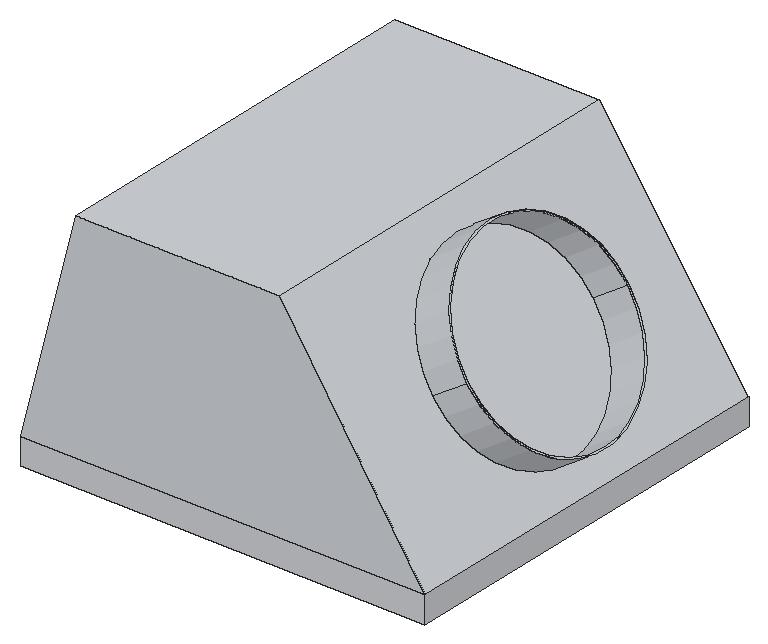
Revit family "08101_SWA-D", category Air Terminals, Revit 2012
Parameters (values of type "SWA-D")
  Visible_Texto = or(or(Diametro_Requerido < 6", Diametro_Requerido > 14"), not(Diametro_Requerido = (Var1 * 1")))  # no
  Var2 = if(or((Var1 * 1") < 6", (Var1 * 1") = 6"), 5 7/8", if(or((Var1 * 1") > 14", (Var1 * 1") = 14"), 13 7/8", ((Var1 * 1") - 1" / 8)))  # 11 7/8"
  Var1 = roundup(Diametro_Requerido / 2") * 2  # 12
  URL = "https://www.innes.com.mx"
  Type Comments = "Alto Caudal de Aire"
  Tipo de Cuello = "Redondo"
  Posición de Instalación = "Techo"
  Nota1 = if(Diametro_Requerido < 6", "Diámetro no disponible, mínimo 6 in", if(Diametro_Requerido > 14", "Diámetro no disponible, máximo 14 in", if(Diametro_Requerido = (Var1 * 1"), ".", "Diámetro No Válido. Sólo incrementos de 2 in")))  # "."
  Model = "SWA-D"
  Material = "Acero"
  Manufacturer = "INNES"
  Incrementos de Cuello = "de 2\""
  Función = "Inyección"
  Diametro_Requerido = 12"
  Description = "Difusor Rotacional para flujo constante"
  Cuello Mín.-Máx. = "6\" a 14\""
  Conect = Var2 / 2  # 5 15/16"
Reference planes (in)
  plane 1 "Center (Front/Back)": y = 0
  plane 2: z = 0
  plane 3 "Center (Left/Right)": x = 0
  plane 4 "conect": through (13.49213, -60, 3.61848) normal (-0.8261, 0, -0.5636)
  plane 5: z = 9.29761
  plane 6: through (9.61745, -60, 9.29761) normal (0.5636, 0, -0.8261)
Nested families (in)
  nested 1: "Texto_SWA-D" at (-2.22139, -33.51703, 0), type "texto"
    with Visible_Texto no
  nested 2: "SWA-D" at (0, 0, 0), type "SWA-D"
    with Var2 12", Var1 12, Radio_Int 5 13/16", Radio 5 15/16", Diametro_Requerido 12", Diametro_Int 11 3/4", Diametro_Real 11 7/8"
Connectors (in)
  hvac at (9.61745, 0, 9.29761), driven by "Conect"
    settings: on nested 2, index 1, duct flow 0.0 L/s, flow factor 0, pres drop 0.0 Pa, loss coef 0, conn angle 0.00°, conn width 304.8 mm, conn height 304.8 mm, conn radius 150.812 mm, duct sys type 1, conn prof type 0, flow config 0, flow direction 0, loss method 0, conn ref index -1, conn util no, is conn primary yes, conn desc ""
Definition of nested family "SWA-D"
  Parameters (values of type "SWA-D-14-24")
    Var2 = if(or((Var1 * 1") < 6", (Var1 * 1") = 6"), 6", if((Var1 * 1") = 8", 8", if((Var1 * 1") = 10", 10", if((Var1 * 1") = 12", 12", if((Var1 * 1") = 14", 14", 14")))))  # 14"
    Var1 = roundup(Diametro_Requerido / 2") * 2  # 14
    URL = "http://www.innes.com.mx"
    Radio_Int = Radio - 1" / 8  # 6 13/16"
    Radio = Diametro_Real / 2  # 6 15/16"
    Mínimo flujo de aire = 0.0 L/s
    Mínima velocidad de cuello = 0.0 m/s
    Mínima presión total = 0.0 Pa
    Máximo nivel de ruido (NC) = "32"
    Máximo flujo de aire = 0.0 L/s
    Máxima velocidad de cuello = 0.0 m/s
    Máxima presión total = 0.0 Pa
    Modulo = 24"  # constant formula
    Min Flow = 0.0 L/s
    Diametro_Requerido = 14"
    Medida_B = Modulo - 3" / 16  # 23 13/16"
    Medida_A = Modulo - 3" / 16  # 23 13/16"
    Max Flow = 0.0 L/s
    Material = "Acero"
    Manufacturer = "INNES"
    Largo_Parte_Superior = 23 121/256"  # constant formula
    Largo_B = Medida_B - 3" / 16  # 23 5/8"
    Diametro_Interior = Diametro_Exterior - 3/16"  # 7 11/16"
    Diametro_Int = Diametro_Real - 1" / 8  # 13 3/4"
    Diametro_Exterior = 7 7/8"  # constant formula
    Diametro_Real = Var2 - 1" / 8  # 13 7/8"
    Cuello = "Redondo"
    Ancho_A = Medida_A - 3/16"  # 23 5/8"
  Types (6): name | Var2 | Var1 | Radio_Int | Radio | Diametro_Requerido | Diametro_Int | Diametro_Real
    (no name) | 14" | 14 | 6 13/16" | 6 15/16" | 14" | 13 3/4" | 13 7/8"
    SWA-D-08-24 | 8" | 8 | 3 13/16" | 3 15/16" | 8" | 7 3/4" | 7 7/8"
    SWA-D- 06-24 | 6" | 6 | 2 13/16" | 2 15/16" | 6" | 5 3/4" | 5 7/8"
    SWA-D-10-24 | 10" | 10 | 4 13/16" | 4 15/16" | 10" | 9 3/4" | 9 7/8"
    SWA-D-12-24 | 12" | 12 | 5 13/16" | 5 15/16" | 12" | 11 3/4" | 11 7/8"
    SWA-D-14-24 | 14" | 14 | 6 13/16" | 6 15/16" | 14" | 13 3/4" | 13 7/8"
  Reference planes (in)
    plane 1 "Center (Front/Back)": y = 0
    plane 2: z = 0
    plane 3 "Center (Left/Right)": x = 0
    plane 4: x = 11.90625
    plane 5: x = -11.90625
    plane 6: y = 11.90625
    plane 7: y = -11.90625
    plane 8 "Altura Placa": z = 0.125
    plane 9 "Altura perfil": z = 1.5625
    plane 10 "Altura": z = 14.25
    plane 11: x = -11.8125
    plane 12: x = 11.8125
    plane 13: y = 11.8125
    plane 14: y = -11.8125
    plane 15: x = -8.78125
    plane 16: x = 3.25
    plane 17: y = 11.73633
    plane 18: y = -11.73633
    plane 19: x = -8.59375
    plane 20: y = 11.54883
    plane 21: y = -11.54883
    plane 22 "Altura baceado": z = 14.0625
    plane 23: x = 3.0625
    plane 24: z = 7
    plane 25: y = 3.84375
    plane 26: y = 3.9375
    plane 27 "Inclinacion": through (-1.52397, -180, 18.4798) normal (0.829, 0, 0.5592)
    plane 28: y = -3.84375
    plane 29: y = -3.9375
    plane 30: through (3.25, -180, 14.25) normal (0.8261, 0, 0.5636)
    plane 31: through (11.90625, -180, 1.5625) normal (-0.8261, 0, -0.5636)
    plane 32: through (11.90625, -180, 1.5625) normal (-0.8261, 0, -0.5636)
    plane 33: through (11.90625, -180, 1.5625) normal (-0.8261, 0, -0.5636)
    plane 34: through (11.90625, -180, 1.5625) normal (-0.8261, 0, -0.5636)
    plane 35: through (3.25, -180, 14.25) normal (0.8261, 0, 0.5636)
    plane 36: through (11.90625, -180, 1.5625) normal (-0.8261, 0, -0.5636)
    plane 37: y = 6.9375
    plane 38: y = -6.9375
  Forms (in)
    Extrusion 1, solid
      sketch origin (0, 0, 0) x (1, 0, 0) y (0, 1, 0)
        loop
          line (-11.90625, 11.90625) -> (-11.90625, -11.90625) -> (11.90625, -11.90625) -> (11.90625, 11.90625) -> (-11.90625, 11.90625)
      from 0 to 0.125
    Extrusion 2, void
      sketch origin (0, 0, 0.035) x (1, 0, 0) y (0, 1, 0)
        loop
          line (-0.32659, 6.55067) -> (-0.32659, 2.47858) -> (0.32659, 2.47858) -> (0.32659, 6.55067) -> (-0.32659, 6.55067)
      from 0 to 0.125
    Extrusion 3, void
      sketch origin (0, 0, 0.035) x (0.866025, -0.5, 0) y (0.5, 0.866025, 0)
        loop
          line (-0.32659, 6.55067) -> (-0.32659, 2.47858) -> (0.32659, 2.47858) -> (0.32659, 6.55067) -> (-0.32659, 6.55067)
      from 0 to 0.125
    Extrusion 4, void
      sketch origin (0, 0, 0.035) x (0.5, -0.866025, 0) y (0.866025, 0.5, 0)
        loop
          line (-0.32659, 6.55067) -> (-0.32659, 2.47858) -> (0.32659, 2.47858) -> (0.32659, 6.55067) -> (-0.32659, 6.55067)
      from 0 to 0.125
    Extrusion 5, void
      sketch origin (0, 0, 0.035) x (0, -1, 0) y (1, 0, 0)
        loop
          line (-0.32659, 6.55067) -> (-0.32659, 2.47858) -> (0.32659, 2.47858) -> (0.32659, 6.55067) -> (-0.32659, 6.55067)
      from 0 to 0.125
    Extrusion 6, void
      sketch origin (0, 0, 0.035) x (-0.5, -0.866025, 0) y (0.866025, -0.5, 0)
        loop
          line (-0.32659, 6.55067) -> (-0.32659, 2.47858) -> (0.32659, 2.47858) -> (0.32659, 6.55067) -> (-0.32659, 6.55067)
      from 0 to 0.125
    Extrusion 7, void
      sketch origin (0, 0, 0.035) x (-0.866025, -0.5, 0) y (0.5, -0.866025, 0)
        loop
          line (-0.32659, 6.55067) -> (-0.32659, 2.47858) -> (0.32659, 2.47858) -> (0.32659, 6.55067) -> (-0.32659, 6.55067)
      from 0 to 0.125
    Extrusion 8, void
      sketch origin (0, 0, 0.035) x (-1, 0, 0) y (0, -1, 0)
        loop
          line (-0.32659, 6.55067) -> (-0.32659, 2.47858) -> (0.32659, 2.47858) -> (0.32659, 6.55067) -> (-0.32659, 6.55067)
      from 0 to 0.125
    Extrusion 9, void
      sketch origin (0, 0, 0.035) x (-0.866025, 0.5, 0) y (-0.5, -0.866025, 0)
        loop
          line (-0.32659, 6.55067) -> (-0.32659, 2.47858) -> (0.32659, 2.47858) -> (0.32659, 6.55067) -> (-0.32659, 6.55067)
      from 0 to 0.125
    Extrusion 10, void
      sketch origin (0, 0, 0.035) x (-0.5, 0.866025, 0) y (-0.866025, -0.5, 0)
        loop
          line (-0.32659, 6.55067) -> (-0.32659, 2.47858) -> (0.32659, 2.47858) -> (0.32659, 6.55067) -> (-0.32659, 6.55067)
      from 0 to 0.125
    Extrusion 11, void
      sketch origin (0, 0, 0.035) x (0, 1, 0) y (-1, 0, 0)
        loop
          line (-0.32659, 6.55067) -> (-0.32659, 2.47858) -> (0.32659, 2.47858) -> (0.32659, 6.55067) -> (-0.32659, 6.55067)
      from 0 to 0.125
    Extrusion 12, void
      sketch origin (0, 0, 0.035) x (0.5, 0.866025, 0) y (-0.866025, 0.5, 0)
        loop
          line (-0.32659, 6.55067) -> (-0.32659, 2.47858) -> (0.32659, 2.47858) -> (0.32659, 6.55067) -> (-0.32659, 6.55067)
      from 0 to 0.125
    Extrusion 13, void
      sketch origin (0, 0, 0.035) x (0.866025, 0.5, 0) y (-0.5, 0.866025, 0)
        loop
          line (-0.32659, 6.55067) -> (-0.32659, 2.47858) -> (0.32659, 2.47858) -> (0.32659, 6.55067) -> (-0.32659, 6.55067)
      from 0 to 0.125
    Extrusion 14, void
      sketch origin (0.01625, -4.03072, 0) x (-1, 0, 0) y (0, -1, 0)
        loop
          line (-0.32659, 6.55067) -> (-0.32659, 2.47858) -> (0.32659, 2.47858) -> (0.32659, 6.55067) -> (-0.32659, 6.55067)
      from 0 to 0.125
    Extrusion 15, void
      sketch origin (-1.01525, -3.89492, 0) x (-0.965926, 0.258819, 0) y (-0.258819, -0.965926, 0)
        loop
          line (-0.32659, 6.55067) -> (-0.32659, 2.47858) -> (0.32659, 2.47858) -> (0.32659, 6.55067) -> (-0.32659, 6.55067)
      from 0 to 0.125
    Extrusion 16, void
      sketch origin (-1.97644, -3.49678, 0) x (-0.866025, 0.5, 0) y (-0.5, -0.866025, 0)
        loop
          line (-0.32659, 6.55067) -> (-0.32659, 2.47858) -> (0.32659, 2.47858) -> (0.32659, 6.55067) -> (-0.32659, 6.55067)
      from 0 to 0.125
    Extrusion 17, void
      sketch origin (-2.80184, -2.86343, 0) x (-0.707107, 0.707107, 0) y (-0.707107, -0.707107, 0)
        loop
          line (-0.32659, 6.55067) -> (-0.32659, 2.47858) -> (0.32659, 2.47858) -> (0.32659, 6.55067) -> (-0.32659, 6.55067)
      from 0 to 0.125
    Extrusion 18, void
      sketch origin (-3.43519, -2.03803, 0) x (-0.5, 0.866025, 0) y (-0.866025, -0.5, 0)
        loop
          line (-0.32659, 6.55067) -> (-0.32659, 2.47858) -> (0.32659, 2.47858) -> (0.32659, 6.55067) -> (-0.32659, 6.55067)
      from 0 to 0.125
    Extrusion 19, void
      sketch origin (-3.83333, -1.07683, 0) x (-0.258819, 0.965926, 0) y (-0.965926, -0.258819, 0)
        loop
          line (-0.32659, 6.55067) -> (-0.32659, 2.47858) -> (0.32659, 2.47858) -> (0.32659, 6.55067) -> (-0.32659, 6.55067)
      from 0 to 0.125
    Extrusion 20, void
      sketch origin (-3.96913, -0.04534, 0) x (0, 1, 0) y (-1, 0, 0)
        loop
          line (-0.32659, 6.55067) -> (-0.32659, 2.47858) -> (0.32659, 2.47858) -> (0.32659, 6.55067) -> (-0.32659, 6.55067)
      from 0 to 0.125
    Extrusion 21, void
      sketch origin (-3.83333, 0.98615, 0) x (0.258819, 0.965926, 0) y (-0.965926, 0.258819, 0)
        loop
          line (-0.32659, 6.55067) -> (-0.32659, 2.47858) -> (0.32659, 2.47858) -> (0.32659, 6.55067) -> (-0.32659, 6.55067)
      from 0 to 0.125
    Extrusion 22, void
      sketch origin (-3.43519, 1.94735, 0) x (0.5, 0.866025, 0) y (-0.866025, 0.5, 0)
        loop
          line (-0.32659, 6.55067) -> (-0.32659, 2.47858) -> (0.32659, 2.47858) -> (0.32659, 6.55067) -> (-0.32659, 6.55067)
      from 0 to 0.125
    Extrusion 23, void
      sketch origin (-2.80184, 2.77275, 0) x (0.707107, 0.707107, 0) y (-0.707107, 0.707107, 0)
        loop
          line (-0.32659, 6.55067) -> (-0.32659, 2.47858) -> (0.32659, 2.47858) -> (0.32659, 6.55067) -> (-0.32659, 6.55067)
      from 0 to 0.125
    Extrusion 24, void
      sketch origin (-1.97644, 3.4061, 0) x (0.866025, 0.5, 0) y (-0.5, 0.866025, 0)
        loop
          line (-0.32659, 6.55067) -> (-0.32659, 2.47858) -> (0.32659, 2.47858) -> (0.32659, 6.55067) -> (-0.32659, 6.55067)
      from 0 to 0.125
    Extrusion 25, void
      sketch origin (-1.01525, 3.80424, 0) x (0.965926, 0.258819, 0) y (-0.258819, 0.965926, 0)
        loop
          line (-0.32659, 6.55067) -> (-0.32659, 2.47858) -> (0.32659, 2.47858) -> (0.32659, 6.55067) -> (-0.32659, 6.55067)
      from 0 to 0.125
    Extrusion 26, void
      sketch origin (0.01625, 3.94004, 0) x (1, 0, 0) y (0, 1, 0)
        loop
          line (-0.32659, 6.55067) -> (-0.32659, 2.47858) -> (0.32659, 2.47858) -> (0.32659, 6.55067) -> (-0.32659, 6.55067)
      from 0 to 0.125
    Extrusion 27, void
      sketch origin (1.04774, 3.80424, 0) x (0.965926, -0.258819, 0) y (0.258819, 0.965926, 0)
        loop
          line (-0.32659, 6.55067) -> (-0.32659, 2.47858) -> (0.32659, 2.47858) -> (0.32659, 6.55067) -> (-0.32659, 6.55067)
      from 0 to 0.125
    Extrusion 28, void
      sketch origin (2.00893, 3.4061, 0) x (0.866025, -0.5, 0) y (0.5, 0.866025, 0)
        loop
          line (-0.32659, 6.55067) -> (-0.32659, 2.47858) -> (0.32659, 2.47858) -> (0.32659, 6.55067) -> (-0.32659, 6.55067)
      from 0 to 0.125
    Extrusion 29, void
      sketch origin (2.83433, 2.77275, 0) x (0.707107, -0.707107, 0) y (0.707107, 0.707107, 0)
        loop
          line (-0.32659, 6.55067) -> (-0.32659, 2.47858) -> (0.32659, 2.47858) -> (0.32659, 6.55067) -> (-0.32659, 6.55067)
      from 0 to 0.125
    Extrusion 30, void
      sketch origin (3.46768, 1.94735, 0) x (0.5, -0.866025, 0) y (0.866025, 0.5, 0)
        loop
          line (-0.32659, 6.55067) -> (-0.32659, 2.47858) -> (0.32659, 2.47858) -> (0.32659, 6.55067) -> (-0.32659, 6.55067)
      from 0 to 0.125
    Extrusion 31, void
      sketch origin (3.86583, 0.98615, 0) x (0.258819, -0.965926, 0) y (0.965926, 0.258819, 0)
        loop
          line (-0.32659, 6.55067) -> (-0.32659, 2.47858) -> (0.32659, 2.47858) -> (0.32659, 6.55067) -> (-0.32659, 6.55067)
      from 0 to 0.125
    Extrusion 32, void
      sketch origin (4.00162, -0.04534, 0) x (0, -1, 0) y (1, 0, 0)
        loop
          line (-0.32659, 6.55067) -> (-0.32659, 2.47858) -> (0.32659, 2.47858) -> (0.32659, 6.55067) -> (-0.32659, 6.55067)
      from 0 to 0.125
    Extrusion 33, void
      sketch origin (3.86583, -1.07683, 0) x (-0.258819, -0.965926, 0) y (0.965926, -0.258819, 0)
        loop
          line (-0.32659, 6.55067) -> (-0.32659, 2.47858) -> (0.32659, 2.47858) -> (0.32659, 6.55067) -> (-0.32659, 6.55067)
      from 0 to 0.125
    Extrusion 34, void
      sketch origin (3.46768, -2.03803, 0) x (-0.5, -0.866025, 0) y (0.866025, -0.5, 0)
        loop
          line (-0.32659, 6.55067) -> (-0.32659, 2.47858) -> (0.32659, 2.47858) -> (0.32659, 6.55067) -> (-0.32659, 6.55067)
      from 0 to 0.125
    Extrusion 35, void
      sketch origin (2.83433, -2.86343, 0) x (-0.707107, -0.707107, 0) y (0.707107, -0.707107, 0)
        loop
          line (-0.32659, 6.55067) -> (-0.32659, 2.47858) -> (0.32659, 2.47858) -> (0.32659, 6.55067) -> (-0.32659, 6.55067)
      from 0 to 0.125
    Extrusion 36, void
      sketch origin (2.00893, -3.49678, 0) x (-0.866025, -0.5, 0) y (0.5, -0.866025, 0)
        loop
          line (-0.32659, 6.55067) -> (-0.32659, 2.47858) -> (0.32659, 2.47858) -> (0.32659, 6.55067) -> (-0.32659, 6.55067)
      from 0 to 0.125
    Extrusion 37, void
      sketch origin (1.04774, -3.89492, 0) x (-0.965926, -0.258819, 0) y (0.258819, -0.965926, 0)
        loop
          line (-0.32659, 6.55067) -> (-0.32659, 2.47858) -> (0.32659, 2.47858) -> (0.32659, 6.55067) -> (-0.32659, 6.55067)
      from 0 to 0.125
    Extrusion 38, solid
      sketch origin (0, 0, 0) x (1, 0, 0) y (0, 1, 0)
        loop
          line (-11.90625, 11.90625) -> (-11.90625, -11.90625) -> (11.90625, -11.90625) -> (11.90625, 11.90625) -> (-11.90625, 11.90625)
        loop
          line (-11.8125, 11.8125) -> (-11.8125, -11.8125) -> (11.8125, -11.8125) -> (11.8125, 11.8125) -> (-11.8125, 11.8125)
      from 0 to 1.5625
    Blend 39, solid
      base sketch origin (0, 0, 1.5625) x (-1, 0, 0) y (0, -1, 0)
        loop
          line (11.90625, -11.90625) -> (11.90625, 11.90625) -> (-11.90625, 11.90625) -> (-11.90625, -11.90625) -> (11.90625, -11.90625)
      top sketch origin (0, 0, 14.25) x (-1, 0, 0) y (0, -1, 0)
        loop
          line (8.78125, -11.73633) -> (8.78125, 11.73633) -> (-3.25, 11.73633) -> (-3.25, -11.73633) -> (8.78125, -11.73633)
      from 0 to 0
  Cuts and joins
    Extrusion 2, Extrusion 3, Extrusion 4, Extrusion 5, Extrusion 6, Extrusion 7, Extrusion 8, Extrusion 9, Extrusion 10, Extrusion 11, Extrusion 12, Extrusion 13, Extrusion 14, Extrusion 15, Extrusion 16, Extrusion 17, Extrusion 18, Extrusion 19, Extrusion 20, Extrusion 21, Extrusion 22, Extrusion 23, Extrusion 24, Extrusion 25, Extrusion 26, Extrusion 27, Extrusion 28, Extrusion 29, Extrusion 30, Extrusion 31, Extrusion 32, Extrusion 33, Extrusion 34, Extrusion 35, Extrusion 36, Extrusion 37 cuts Extrusion 1
  Lines and regions (in)
    model lines
      curve 1: line (-0.32659, 2.47858, 0) -> (0.32659, 2.47858, 0)
      curve 2: line (-0.32659, 6.55067, 0) -> (-0.32659, 2.47858, 0)
      curve 3: line (0.23459, 6.55067, 0) -> (-0.32659, 6.55067, 0)
      curve 4: line (0.32659, 2.47858, 0) -> (0.32659, 6.55067, 0)
  Dimensions and locks (in)
    equal spacing: plane 5, plane 3 "Center (Left/Right)", plane 4, locked at 11.90625 each
    "Medida_A": plane 5 to plane 4
    equal spacing: plane 6, plane 1 "Center (Front/Back)", plane 7, locked at 11.90625 each
    "Medida_B": plane 6 to plane 7
    locked: plane 8 "Altura Placa" to level at 0.125
    plane 10 "Altura" to level = 14 1/4"
    locked: plane 9 "Altura perfil" to plane 8 "Altura Placa" at 1.4375
    equal spacing: curve 2, plane 3 "Center (Left/Right)", curve 4
    equal spacing: plane 13, plane 1 "Center (Front/Back)", plane 14, locked at 11.8125 each
    "Largo_B": plane 13 to plane 14
    equal spacing: plane 11, plane 3 "Center (Left/Right)", plane 12, locked at 11.8125 each
    "Ancho_A": plane 11 to plane 12
    locked: Extrusion 38 to plane 15 at 3.125
    locked: plane 16 to plane 4 at 8.65625
    equal spacing: plane 17, plane 1 "Center (Front/Back)", plane 18
    "Largo_Parte_Superior": plane 17 to plane 18
    locked: plane 15 to plane 19 at 0.1875
    locked: plane 21 to plane 18 at 0.1875
    locked: plane 17 to plane 20 at 0.1875
    locked: plane 10 "Altura" to plane 22 "Altura baceado" at 0.1875
    locked: plane 23 to plane 16 at 0.1875
    plane 10 "Altura" to plane 9 "Altura perfil" = 12 11/16"
    locked: plane 24 to level at 7
    equal spacing: plane 29, plane 1 "Center (Front/Back)", plane 26
    "Diametro_Exterior": plane 29 to plane 26
    equal spacing: plane 28, plane 1 "Center (Front/Back)", plane 25
    "Diametro_Interior": plane 28 to plane 25
    equal spacing: plane 38, plane 1 "Center (Front/Back)", plane 37
    "Diametro_Real": plane 38 to plane 37
    plane 17 to plane 18 = 23 121/256"
    angle plane 27 "Inclinacion" to plane 24 = 56.00°
    aligned and locked: plane 2 to level
    aligned and locked: Extrusion 1 sketch curve to plane 6
    aligned and locked: plane 5 to Extrusion 1 sketch curve
    aligned and locked: plane 7 to Extrusion 1 sketch curve
    aligned and locked: Extrusion 1 sketch curve to plane 4
    aligned and locked: Blend 39 sketch curve to cut or joined group of Extrusion 1, Extrusion 2, Extrusion 3, Extrusion 4, Extrusion 5, Extrusion 6, Extrusion 7, Extrusion 8, Extrusion 9, Extrusion 10, Extrusion 11, Extrusion 12, Extrusion 13, Extrusion 14, Extrusion 15, Extrusion 16, Extrusion 17, Extrusion 18, Extrusion 19, Extrusion 20, Extrusion 21, Extrusion 22, Extrusion 23, Extrusion 24, Extrusion 25, Extrusion 26, Extrusion 27, Extrusion 28, Extrusion 29, Extrusion 30, Extrusion 31, Extrusion 32, Extrusion 33, Extrusion 34, Extrusion 35, Extrusion 36, Extrusion 37  (x4)
    aligned and locked: Blend 39 sketch curve to plane 17
    aligned and locked: Blend 39 sketch curve to plane 15
    aligned and locked: plane 18 to Blend 39 sketch curve
    aligned and locked: Blend 39 sketch curve to plane 16
    aligned and locked: plane 4 to Extrusion 38
    aligned and locked: Extrusion 38 to plane 12
    aligned and locked: plane 9 "Altura perfil" to Extrusion 38
    aligned and locked: Extrusion 38 to level
    aligned and locked: plane 11 to Extrusion 38
    aligned and locked: plane 36 to Blend 39
    aligned and locked: Blend 39 to plane 35
    aligned and locked: nested 1 to plane 38
  Automatic sketch dimensions
    curve 1 to plane 1 "Center (Front/Back)" = 2.47858"
    curve 1 to curve 3 = 4.07209"
    curve 3 to curve 4 = 0.09201"
    curve 3 to curve 4 = 0"
    curve 2 to plane 3 "Center (Left/Right)" = 0.32659"
    Extrusion 2 sketch curve to Extrusion 2 sketch curve = 0.65318"
    Extrusion 2 sketch curve to Extrusion 2 sketch curve = 4.07209"
    Extrusion 3 sketch curve to Extrusion 3 sketch curve = 0.65318"
    Extrusion 3 sketch curve to Extrusion 3 sketch curve = 4.07209"
    Extrusion 4 sketch curve to Extrusion 4 sketch curve = 0.65318"
    Extrusion 4 sketch curve to Extrusion 4 sketch curve = 4.07209"
    Extrusion 5 sketch curve to Extrusion 5 sketch curve = 0.65318"
    Extrusion 5 sketch curve to Extrusion 5 sketch curve = 4.07209"
    Extrusion 6 sketch curve to Extrusion 6 sketch curve = 0.65318"
    Extrusion 6 sketch curve to Extrusion 6 sketch curve = 4.07209"
    Extrusion 7 sketch curve to Extrusion 7 sketch curve = 0.65318"
    Extrusion 7 sketch curve to Extrusion 7 sketch curve = 4.07209"
    Extrusion 8 sketch curve to Extrusion 8 sketch curve = 0.65318"
    Extrusion 8 sketch curve to Extrusion 8 sketch curve = 4.07209"
    Extrusion 9 sketch curve to Extrusion 9 sketch curve = 0.65318"
    Extrusion 9 sketch curve to Extrusion 9 sketch curve = 4.07209"
    Extrusion 10 sketch curve to Extrusion 10 sketch curve = 0.65318"
    Extrusion 10 sketch curve to Extrusion 10 sketch curve = 4.07209"
    Extrusion 11 sketch curve to Extrusion 11 sketch curve = 0.65318"
    Extrusion 11 sketch curve to Extrusion 11 sketch curve = 4.07209"
    Extrusion 12 sketch curve to Extrusion 12 sketch curve = 0.65318"
    Extrusion 12 sketch curve to Extrusion 12 sketch curve = 4.07209"
    Extrusion 13 sketch curve to Extrusion 13 sketch curve = 0.65318"
    Extrusion 13 sketch curve to Extrusion 13 sketch curve = 4.07209"
    Extrusion 14 sketch curve to Extrusion 14 sketch curve = 0.65318"
    Extrusion 14 sketch curve to Extrusion 14 sketch curve = 4.07209"
    Extrusion 15 sketch curve to Extrusion 15 sketch curve = 0.65318"
    Extrusion 15 sketch curve to Extrusion 15 sketch curve = 4.07209"
    Extrusion 16 sketch curve to Extrusion 16 sketch curve = 0.65318"
    Extrusion 16 sketch curve to Extrusion 16 sketch curve = 4.07209"
    Extrusion 17 sketch curve to Extrusion 17 sketch curve = 0.65318"
    Extrusion 17 sketch curve to Extrusion 17 sketch curve = 4.07209"
    Extrusion 18 sketch curve to Extrusion 18 sketch curve = 0.65318"
    Extrusion 18 sketch curve to Extrusion 18 sketch curve = 4.07209"
    Extrusion 19 sketch curve to Extrusion 19 sketch curve = 0.65318"
    Extrusion 19 sketch curve to Extrusion 19 sketch curve = 4.07209"
    Extrusion 20 sketch curve to Extrusion 20 sketch curve = 0.65318"
    Extrusion 20 sketch curve to Extrusion 20 sketch curve = 4.07209"
    Extrusion 21 sketch curve to Extrusion 21 sketch curve = 0.65318"
    Extrusion 21 sketch curve to Extrusion 21 sketch curve = 4.07209"
    Extrusion 22 sketch curve to Extrusion 22 sketch curve = 0.65318"
    Extrusion 22 sketch curve to Extrusion 22 sketch curve = 4.07209"
    Extrusion 23 sketch curve to Extrusion 23 sketch curve = 0.65318"
    Extrusion 23 sketch curve to Extrusion 23 sketch curve = 4.07209"
    Extrusion 24 sketch curve to Extrusion 24 sketch curve = 0.65318"
    Extrusion 24 sketch curve to Extrusion 24 sketch curve = 4.07209"
    Extrusion 25 sketch curve to Extrusion 25 sketch curve = 0.65318"
    Extrusion 25 sketch curve to Extrusion 25 sketch curve = 4.07209"
    Extrusion 26 sketch curve to Extrusion 26 sketch curve = 0.65318"
    Extrusion 26 sketch curve to Extrusion 26 sketch curve = 4.07209"
    Extrusion 27 sketch curve to Extrusion 27 sketch curve = 0.65318"
    Extrusion 27 sketch curve to Extrusion 27 sketch curve = 4.07209"
    Extrusion 28 sketch curve to Extrusion 28 sketch curve = 0.65318"
    Extrusion 28 sketch curve to Extrusion 28 sketch curve = 4.07209"
    Extrusion 29 sketch curve to Extrusion 29 sketch curve = 0.65318"
    Extrusion 29 sketch curve to Extrusion 29 sketch curve = 4.07209"
    Extrusion 30 sketch curve to Extrusion 30 sketch curve = 0.65318"
    Extrusion 30 sketch curve to Extrusion 30 sketch curve = 4.07209"
    Extrusion 31 sketch curve to Extrusion 31 sketch curve = 0.65318"
    Extrusion 31 sketch curve to Extrusion 31 sketch curve = 4.07209"
    Extrusion 32 sketch curve to Extrusion 32 sketch curve = 0.65318"
    Extrusion 32 sketch curve to Extrusion 32 sketch curve = 4.07209"
    Extrusion 33 sketch curve to Extrusion 33 sketch curve = 0.65318"
    Extrusion 33 sketch curve to Extrusion 33 sketch curve = 4.07209"
    Extrusion 34 sketch curve to Extrusion 34 sketch curve = 0.65318"
    Extrusion 34 sketch curve to Extrusion 34 sketch curve = 4.07209"
    Extrusion 35 sketch curve to Extrusion 35 sketch curve = 0.65318"
    Extrusion 35 sketch curve to Extrusion 35 sketch curve = 4.07209"
    Extrusion 36 sketch curve to Extrusion 36 sketch curve = 0.65318"
    Extrusion 36 sketch curve to Extrusion 36 sketch curve = 4.07209"
    Extrusion 37 sketch curve to Extrusion 37 sketch curve = 0.65318"
    Extrusion 37 sketch curve to Extrusion 37 sketch curve = 4.07209"
    Extrusion 38 sketch curve to plane 5 = 0"
    plane 11 to Extrusion 38 sketch curve = 0"
    Extrusion 38 sketch curve to plane 12 = 0"
    plane 4 to Extrusion 38 sketch curve = 0"
    Extrusion 38 sketch curve to plane 7 = 0"
    Extrusion 38 sketch curve to plane 14 = 0"
    Extrusion 38 sketch curve to plane 13 = 0"
    Extrusion 38 sketch curve to plane 6 = 0"
  Nested families (in)
    nested 1: "prueba cara02" at (7.57813, 0, 7.90625) x (0, 1, 0) z (0.8261, 0, 0.5636), type "prueba cara02"
      with Radio int 6 7/8", Radio 6 15/16", Diametro int 13 3/4", Diametro 13 7/8"
  Definition of nested family "prueba cara02"
    Parameters (values of type "prueba cara02")
      Radio int = Diametro int / 2  # 2 15/16"
      Radio = Diametro / 2  # 3"
      Diametro int = Diametro - 1/8"  # 5 7/8"
      Diametro = 6"
      Default Elevation = 48"
    Reference planes (in)
      plane 1 "Center (Front/Back)": y = 0
      plane 2: z = 0
      plane 3 "Center (Left/Right)": x = 0
      plane 4: x = -3
      plane 5: x = 3
      plane 6: x = -2.9375
      plane 7: x = 2.9375
    Forms (in)
      Extrusion 1, solid
        sketch origin (0, 0, 0) x (1, 0, 0) y (0, 1, 0)
          loop
            line (-48, 48) -> (-48, -48) -> (48, -48) -> (48, 48) -> (-48, 48)
        from 0 to -12
      Extrusion 2, solid
        sketch origin (0, 0, 0) x (1, 0, 0) y (0, 1, 0)
          loop
            circle (0, 0) r 3
          loop
            circle (0, 0) r 2.9375
        from 0 to 2.46875
    Dimensions and locks (in)
      equal spacing: plane 4, plane 3 "Center (Left/Right)", plane 5
      "Diametro": plane 4 to plane 5
      equal spacing: plane 6, plane 3 "Center (Left/Right)", plane 7
      "Diametro int": plane 6 to plane 7
      "Radio": radius of Extrusion 2 sketch curve
      "Radio int": radius of Extrusion 2 sketch curve
      aligned and locked: plane 2 to Extrusion 1
      aligned and locked: level to Extrusion 1
    Automatic sketch dimensions
      Extrusion 1 sketch curve to Extrusion 1 sketch curve = 96"  (x2)
      Extrusion 2 sketch curve to Extrusion 2 sketch curve = 0"  (x2)
      plane 1 "Center (Front/Back)" to Extrusion 2 sketch curve = 0"
      Extrusion 2 sketch curve to plane 3 "Center (Left/Right)" = 0"
Definition of nested family "Texto_SWA-D"
  Parameters (values of type "texto")
    texto = "Medida supera el maximo de 16"
    Visible_Texto = yes
    Color = rojo
  Reference planes (in)
    plane 1 "Center (Front/Back)": y = 0
    plane 2: z = 0
    plane 3 "Center (Left/Right)": x = 0
